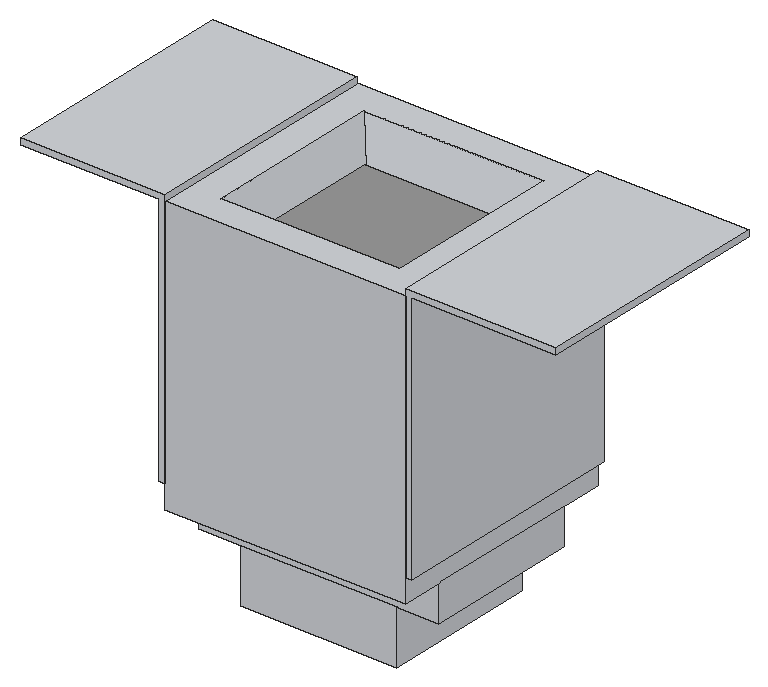
Revit family "2061031 Sylvania Lighting Fixture DOMINO 1xLED 940 BLACK NB TRIMLESS WHITE", category Lighting Fixtures, host Face, Revit 2018
Family settings
  Host = Face
  Round Connector Dimension = Use Diameter
  Part Type = Normal
  OmniClass Number = 23.80.70.00
  OmniClass Title = Lighting
  Cut with Voids When Loaded = No
  Light Source = Yes
  Shared = No
  Room Calculation Point = No
Parameters (values of type "2061031 DOMINO 1XLED 940 BLACK NB TS WHT ")
  top top width = 15.812 mm
  top top length = 26 mm
  bracket height = 42 mm
  Width = 50 mm
  Weight = "n/a"
  Wattage Comments = ""
  Wattage = 9.2903 W
  WarrantyStartDate [instance] = "n/a"
  WarrantyGuarantorParts = "n/a"
  WarrantyDurationUnit = "n/a"
  WarrantyDurationParts = ""
  WarrantyDescription = "http://www.sylvania-lighting.com"
  built-in parameter 1150110 = 1 (stored number, unit not read)
  Voltage = 0 V
  URL = "0.6"
  TypeName = "DOMINO 1xLED 940 BLACK NB TRIMLESS WHITE"
  Type Image = <None>
  Type Comments = "n/a"
  built-in parameter 1114217 = 1 (stored number, unit not read)
  Top Width = 26 mm
  Tilt Angle = 90.00°
  built-in parameter 1150109 = 1 (stored number, unit not read)
  built-in parameter 1150134 = 3
  built-in parameter 1150113 = 1 (stored number, unit not read)
  SerialNumber [instance] = "n/a"
  Recessed Width = 43 mm
  Recessed Length = 43 mm
  Photometric Web File = "2061031.ies"
  Material_3_FEILO = none
  PowerFactor = 0
  PowerConsumption = "Lighting"
  NominalLength = 40 mm
  NominalHeight = 0 mm
  NominalDepth = 0 mm
  Name = "DOMINO 1xLED 940 BLACK NB TRIMLESS WHITE"
  ModelReference = Name  # "DOMINO 1xLED 940 BLACK NB TRIMLESS WHITE"
  ModelNumber = "2061031"
  Model = Name  # "DOMINO 1xLED 940 BLACK NB TRIMLESS WHITE"
  Material = "Feilo Sylvania"
  ManufacturerName = "49 lm/W"
  Manufacturer = ""
  LuminousEfficacy = ""
  built-in parameter 1150105 = 109.82 (stored number, unit not read)
  Lumens = 1380 lm
  LuminaireType = "0"
  built-in parameter 1150115 = 1 (stored number, unit not read)
  LightOutputRatio = "LED"
  built-in parameter 1150137 = (empty or 0)
  built-in parameter 1150139 = (empty or 0)
  Lens inside recess = 25 mm
  Lens Width = 32 mm
  Lens Outside recess = 31.978 mm
  Lens = Glass, White, High Luminance
  Length = 50 mm
  LampsType = Lamp  # "n/a"
  LampNominalLuminous = "4000 K"
  LampMacAdamStep = "90"
  LampColourTemperature = "LED"
  LampColourRenderingIndex = "16500"
  built-in parameter 1150112 = 1 (stored number, unit not read)
  built-in parameter 1150114 = 1 (stored number, unit not read)
  Lamp = "n/a"
  Keynote = "n/a"
  InstallationDate [instance] = "n/a"
  InputVoltage = "0"
  InputNominalFrequency = "4000"
  built-in parameter 1150132 = (empty or 0)
  built-in parameter 1150102 = (empty or 0)
  built-in parameter 1150107 = 3200 (stored number, unit not read)
  built-in parameter 1150138 = (empty or 0)
  IngressProtection = "IfcLightFixtureType"
  ImpactProtectionIndex = "IfcLightFixtureType"
  built-in parameter 1150106 = 1.0982 (stored number, unit not read)
  IfcExportType = "IfcLightFixtureType"
  IfcExportAs = "Class II"
  Facia internal width = 37 mm
  Facia internal length = 37 mm
  Facia Height = 2 mm
  ExpectedLife = 50000
  Emit from Circle Diameter = 609.6 mm
  Emit Shape Visible in Rendering = no
  ElectricShockClassification = "49"
  built-in parameter 1150104 = 13.8 (stored number, unit not read)
  DurationUnit = "hours"
  DocumentationLiterature = "http://www.sylvania-lighting.com/product/en-int/products/2061031"
  DimmingControlOptions = "n/a"
  Material_2_FEILO = none
  Dimming Lamp Color Temperature Shift = <None>
  Description = "Modular LED recessed linear spotlight, ideal for retail and hospitality applications. Die-cast aluminium body, passive cooling. Two levels of reflector installation, low glaring UGR<16. 1x LED source, 15° beam angle , optics: PMMA lens and polycarbonate reflector combination, Black matt reflector finish. Light color temperature: 4000K neutral white, total system power: 4W , total fixture lumen output: 195lm, efficacy: 49 lm/W, Ra90 typical, LED chromacity: 3 step MacAdam ellipse (SDCM3), lifespan: 96,000 hours at 90% of the original output (L90B10), IR/UV free light source without heat radiation, operating voltage: 220-240V / 50-60Hz, electronic driver, ultra low flicker, non-dimmable , electrical protection: Class II. Degree of Protection: IP40/IP20, suitable for indoor environment only. Ceiling cut-out: 42x42mm, outer dimensions:  40x40mm , trimless frame RAL 9016 - Traffic white / Bezel color.5 years Warranty."
  Default Elevation = 1219.2 mm
  CreatedOn = "13/04/2021"
  CreatedBy = "@sylvania-lighting.com"
  Cost = 0
  Color Filter = 16777215
  built-in parameter 1114216 [instance] = (empty or 0)
  ClassificationValue = "EF_70_80"
  ClassificationName = "Uniclass2015"
  Material_1_FEILO = none
  Body Width = 40 mm
  Body Length = 40 mm
  BarCode [instance] = "n/a"
  built-in parameter 1114218 = 1 (stored number, unit not read)
  built-in parameter 1150133 = 10 (stored number, unit not read)
  AssetType = "Fixed"
  AssetIdentifier [instance] = "n/a"
  Assembly Code = "D5020200"
  Apparent Load = 4 VA
  Material_4_FEILO = none
Reference planes
  plane 1 "Center (Front/Back)": y = 0
  plane 2: z = 0
  plane 3 "Center (Left/Right)": x = 0
  plane 4: z = 0
  plane 5: z = -7
  plane 6: z = -45.895
  plane 7: z = -51.895
  plane 8: z = -60.895
  plane 9: x = -21.5
  plane 10: x = 21.5
  plane 11: y = 21.5
  plane 12: y = -21.5
  plane 13: x = -25
  plane 14: x = 25
  plane 15: y = 25
  plane 16: y = -25
  plane 17: x = 18.5
  plane 18: x = -18.5
  plane 19: y = 18.5
  plane 20: y = -18.5
  plane 21: z = 2
  plane 22: x = -20
  plane 23: x = 20
  plane 24: y = 20
  plane 25: y = -20
  plane 26: y = 13
  plane 27: y = -13
  plane 28: y = 16
  plane 29: y = -16
  plane 30: x = 13
  plane 31: x = -13
  plane 32: x = -15.772
  plane 33: x = 16.206
  plane 34: y = 12.5
  plane 35: y = -12.5
  plane 36: x = -12.5
  plane 37: x = 12.5
  plane 38: z = -42
  plane 39: x = -44
  plane 40: z = 0.969
  plane 41: x = -21
  plane 42: x = 21
  plane 43: x = 45
Forms (mm)
  Extrusion 1, solid, not visible, detail levels medium+fine
    sketch origin (4.2, 0, 0) x (1, 0, 0) y (0, 1, 0)
      loop
        line (-29.2, 34.5) -> (-29.2, -34.5) -> (20.8, -34.5) -> (20.8, 34.5) -> (-29.2, 34.5)
    from 0 to 1
  Extrusion 2, solid, not visible, detail levels medium+fine
    sketch origin (4.044, 0, 0) x (1, 0, 0) y (0, 1, 0)
      loop
        line (-29.2, 34.5) -> (-29.2, -34.5) -> (20.8, -34.5) -> (20.8, 34.5) -> (-29.2, 34.5)
    from 0 to 1
  Blend 3, solid, not visible, detail levels medium+fine
    base sketch origin (4.2, 0, 0) x (1, 0, 0) y (0, 1, 0)
      loop
        line (-29.2, 34.5) -> (-29.2, -34.5) -> (20.8, -34.5) -> (20.8, 34.5) -> (-29.2, 34.5)
    top sketch origin (4.2, 0, 0) x (1, 0, 0) y (0, 1, 0)
      loop
        line (-21.7, 28) -> (-21.7, -28) -> (13.3, -28) -> (13.3, 28) -> (-21.7, 28)
    from 1 to 3
  Extrusion 4, solid, not visible, detail levels medium+fine
    sketch origin (3.419, 0, 0) x (1, 0, 0) y (0, 1, 0)
      loop
        line (-29.2, 34.5) -> (-29.2, -34.5) -> (20.8, -34.5) -> (20.8, 34.5) -> (-29.2, 34.5)
    from 0 to 1
  Blend 5, solid, not visible, detail levels medium+fine
    base sketch origin (3.575, 0, 0) x (1, 0, 0) y (0, 1, 0)
      loop
        line (-29.2, 34.5) -> (-29.2, -34.5) -> (20.8, -34.5) -> (20.8, 34.5) -> (-29.2, 34.5)
    top sketch origin (3.575, 0, 0) x (1, 0, 0) y (0, 1, 0)
      loop
        line (-21.7, 28) -> (-21.7, -28) -> (13.3, -28) -> (13.3, 28) -> (-21.7, 28)
    from 1 to 3
  Extrusion 6, solid, not visible, detail levels medium+fine
    sketch origin (4.247, 0, 0) x (1, 0, 0) y (0, 1, 0)
      loop
        line (-29.2, 34.5) -> (-29.2, -34.5) -> (20.8, -34.5) -> (20.8, 34.5) -> (-29.2, 34.5)
    from 0 to 1
  Blend 7, solid, not visible, detail levels medium+fine
    base sketch origin (4.403, 0, 0) x (1, 0, 0) y (0, 1, 0)
      loop
        line (-29.2, 34.5) -> (-29.2, -34.5) -> (20.8, -34.5) -> (20.8, 34.5) -> (-29.2, 34.5)
    top sketch origin (4.403, 0, 0) x (1, 0, 0) y (0, 1, 0)
      loop
        line (-21.7, 28) -> (-21.7, -28) -> (13.3, -28) -> (13.3, 28) -> (-21.7, 28)
    from 1 to 3
  Extrusion 8, void, detail levels medium+fine
    sketch origin (4.2, 0, 0) x (0, 1, 0) y (1, 0, 0)
      loop
        line (21.5, -25.7) -> (21.5, 17.3) -> (-21.5, 17.3) -> (-21.5, -25.7) -> (21.5, -25.7)
    from -9.934 to 83.097
  Extrusion 9, solid, detail levels medium+fine
    sketch origin (4.2, 0, 0) x (1, 0, 0) y (0, 1, 0)
      loop
        line (-24.2, 20) -> (-24.2, -20) -> (15.8, -20) -> (15.8, 20) -> (-24.2, 20)
    from 0 to -45.895
  Extrusion 10, solid, detail levels medium+fine
    sketch origin (4.2, 0, 0) x (1, 0, 0) y (0, 1, 0)
      loop
        line (-24.2, 13) -> (-24.2, -13) -> (15.8, -13) -> (15.8, 13) -> (-24.2, 13)
    from -51.895 to -45.895
  Extrusion 11, solid, material "Glass, White, High Luminance" <- "Lens", detail levels fine
    sketch origin (13.547, 1218.849, 36.156) x (1, 0, 0) y (0, 1, 0)
      loop
        line (-26.047, -1206.7) -> (-26.047, -1231.7) -> (-1.047, -1231.7) -> (-1.047, -1206.7) -> (-26.047, -1206.7)
    from -43.156 to -42.182
  Extrusion 12, solid, detail levels fine
    sketch origin (0, 0, 0) x (1, 0, 0) y (0, 0, 1)
      loop
        line (-13, -51.895) -> (-13, -60.895) -> (13, -60.895) -> (13, -51.895) -> (-13, -51.895)
    from -13 to 13
  Blend 13, void, detail levels medium+fine
    base sketch origin (4.2, 0, 0) x (0, 1, 0) y (-1, 0, 0)
      loop
        line (16, 19.972) -> (-16, 19.972) -> (-16, -12.006) -> (16, -12.006) -> (16, 19.972)
    top sketch origin (4.2, 0, 0) x (0, 1, 0) y (-1, 0, 0)
      loop
        line (12.5, 16.7) -> (-12.5, 16.7) -> (-12.5, -8.3) -> (12.5, -8.3) -> (12.5, 16.7)
    from 3 to -7
  Extrusion 14, solid, detail levels coarse
    sketch origin (4.2, 0, 0) x (1, 0, 0) y (0, 1, 0)
      loop
        line (-48.2, 20) -> (-48.2, -20) -> (40.8, -20) -> (40.8, 20) -> (-48.2, 20)
    from 3 to -60.895
  Extrusion 15, solid, detail levels medium+fine
    sketch origin (0, 0, 0) x (1, 0, 0) y (0, 0, 1)
      loop
        line (-44, 0.969) -> (-44, 0) -> (-21, 0) -> (-21, -42) -> (-20, -42) -> (-20, 0.969) -> (-44, 0.969)
    from -20 to 20
  Extrusion 16, solid, detail levels medium+fine
    sketch origin (0, 0, 0) x (1, 0, 0) y (0, 0, 1)
      loop
        line (45, 0.969) -> (20, 0.969) -> (20, -42) -> (21, -42) -> (21, 0) -> (45, 0) -> (45, 0.969)
    from -20 to 20
Cuts and joins
  Blend 13 cuts Extrusion 9
Dimensions and locks
  "Recessed Length": plane 9 to plane 10
  equal spacing: plane 9, plane 3 "Center (Left/Right)", plane 10
  "Length": plane 13 to plane 14
  equal spacing: plane 13, plane 3 "Center (Left/Right)", plane 14
  "Recessed Width": plane 11 to plane 12
  equal spacing: plane 11, plane 1 "Center (Front/Back)", plane 12
  "Width": plane 15 to plane 16
  equal spacing: plane 15, plane 1 "Center (Front/Back)", plane 16
  "Facia internal length": plane 18 to plane 17
  equal spacing: plane 18, plane 3 "Center (Left/Right)", plane 17
  "Facia internal width": plane 19 to plane 20
  equal spacing: plane 19, plane 1 "Center (Front/Back)", plane 20
  "Facia Height": plane 21 to host face
  "Body Length": plane 22 to plane 23
  equal spacing: plane 22, plane 3 "Center (Left/Right)", plane 23
  "Body Width": plane 24 to plane 25
  equal spacing: plane 24, plane 1 "Center (Front/Back)", plane 25
  "Top Width": plane 26 to plane 27
  equal spacing: plane 26, plane 1 "Center (Front/Back)", plane 27
  "Lens Width": plane 28 to plane 29
  equal spacing: plane 28, plane 1 "Center (Front/Back)", plane 29
  "top top length": plane 31 to plane 30
  equal spacing: plane 31, plane 3 "Center (Left/Right)", plane 30  (x2)
  plane 30 to plane 31 = 26 mm
  equal spacing: plane 30, plane 3 "Center (Left/Right)", plane 31
  "Lens Outside recess": plane 32 to plane 33
  "Lens inside recess": plane 34 to plane 35
  equal spacing: plane 34, plane 1 "Center (Front/Back)", plane 35
  "bracket height": host face to plane 38
  aligned and locked: plane 2 to host face
  aligned and locked: level to host face
  aligned and locked: Extrusion 10 to plane 7
  aligned and locked: Extrusion 9 to plane 6
Automatic sketch dimensions
  host sketch curve to host sketch curve = 2438.4 mm  (x2)
  Extrusion 1 sketch curve to Extrusion 1 sketch curve = 50 mm
  Extrusion 1 sketch curve to Extrusion 1 sketch curve = 69 mm
  Extrusion 2 sketch curve to Extrusion 2 sketch curve = 50 mm
  Extrusion 2 sketch curve to Extrusion 2 sketch curve = 69 mm
  Blend 3 sketch curve to Blend 3 sketch curve = 50 mm
  Blend 3 sketch curve to Blend 3 sketch curve = 69 mm
  Blend 3 sketch curve to Blend 3 sketch curve = 35 mm
  Blend 3 sketch curve to Blend 3 sketch curve = 56 mm
  Extrusion 4 sketch curve to Extrusion 4 sketch curve = 50 mm
  Extrusion 4 sketch curve to Extrusion 4 sketch curve = 69 mm
  Blend 5 sketch curve to Blend 5 sketch curve = 50 mm
  Blend 5 sketch curve to Blend 5 sketch curve = 69 mm
  Blend 5 sketch curve to Blend 5 sketch curve = 35 mm
  Blend 5 sketch curve to Blend 5 sketch curve = 56 mm
  Extrusion 6 sketch curve to Extrusion 6 sketch curve = 50 mm
  Extrusion 6 sketch curve to Extrusion 6 sketch curve = 69 mm
  Blend 7 sketch curve to Blend 7 sketch curve = 50 mm
  Blend 7 sketch curve to Blend 7 sketch curve = 69 mm
  Blend 7 sketch curve to Blend 7 sketch curve = 35 mm
  Blend 7 sketch curve to Blend 7 sketch curve = 56 mm
  plane 9 to Extrusion 8 sketch curve = 0 mm
  Extrusion 8 sketch curve to plane 12 = 0 mm
  Extrusion 8 sketch curve to plane 11 = 0 mm
  Extrusion 8 sketch curve to plane 10 = 0 mm
  Extrusion 9 sketch curve to plane 22 = 0 mm
  Extrusion 9 sketch curve to plane 23 = 0 mm
  Extrusion 9 sketch curve to plane 25 = 0 mm
  Extrusion 9 sketch curve to plane 24 = 0 mm
  Extrusion 10 sketch curve to plane 22 = 0 mm
  Extrusion 10 sketch curve to plane 23 = 0 mm
  Extrusion 10 sketch curve to plane 27 = 0 mm
  Extrusion 10 sketch curve to plane 26 = 0 mm
  Extrusion 11 sketch curve to plane 11 = 9.351 mm
  plane 1 "Center (Front/Back)" to Extrusion 11 sketch curve = 12.851 mm
  plane 18 to Extrusion 11 sketch curve = 6 mm
  Extrusion 11 sketch curve to Extrusion 11 sketch curve = 25 mm
  Extrusion 12 sketch curve to plane 8 = 0 mm
  Extrusion 12 sketch curve to plane 31 = 0 mm
  Extrusion 12 sketch curve to plane 30 = 0 mm
  Extrusion 12 sketch curve to plane 7 = 0 mm
  Blend 13 sketch curve to plane 29 = 0 mm
  Blend 13 sketch curve to plane 28 = 0 mm
  Blend 13 sketch curve to plane 33 = 0 mm
  Blend 13 sketch curve to plane 32 = 0 mm
  Blend 13 sketch curve to plane 35 = 0 mm
  Blend 13 sketch curve to plane 34 = 0 mm
  Blend 13 sketch curve to plane 37 = 0 mm
  Blend 13 sketch curve to plane 36 = 0 mm
  Extrusion 14 sketch curve to plane 13 = 19 mm
  plane 14 to Extrusion 14 sketch curve = 20 mm
  plane 16 to Extrusion 14 sketch curve = 5 mm
  Extrusion 14 sketch curve to plane 15 = 5 mm
  Extrusion 15 sketch curve to plane 39 = 0 mm
  Extrusion 15 sketch curve to level = 0 mm
  plane 9 to Extrusion 15 sketch curve = 1.5 mm
  Extrusion 15 sketch curve to plane 38 = 0 mm
  Extrusion 15 sketch curve to plane 40 = 0 mm
  plane 9 to Extrusion 15 sketch curve = 0.5 mm
  Extrusion 16 sketch curve to plane 21 = 1.031 mm
  Extrusion 16 sketch curve to plane 23 = 0 mm
  Extrusion 16 sketch curve to plane 38 = 0 mm
  Extrusion 16 sketch curve to plane 42 = 0 mm
  Extrusion 16 sketch curve to plane 43 = 0 mm
  Extrusion 16 sketch curve to level = 0 mm
Connectors
  electrical at (0, 0, -60.895)
    settings: on Extrusion 12, index 1, voltage 0 V, apparent load 0 VA, apparent load phase1 0 VA, apparent load phase2 0 VA, apparent load phase3 0 VA, power factor 1, load classification "Other", number of poles 1, system type 31, power factor state 1, is connector primary yes, connector utility no, sub classification motor no, connector description ""
